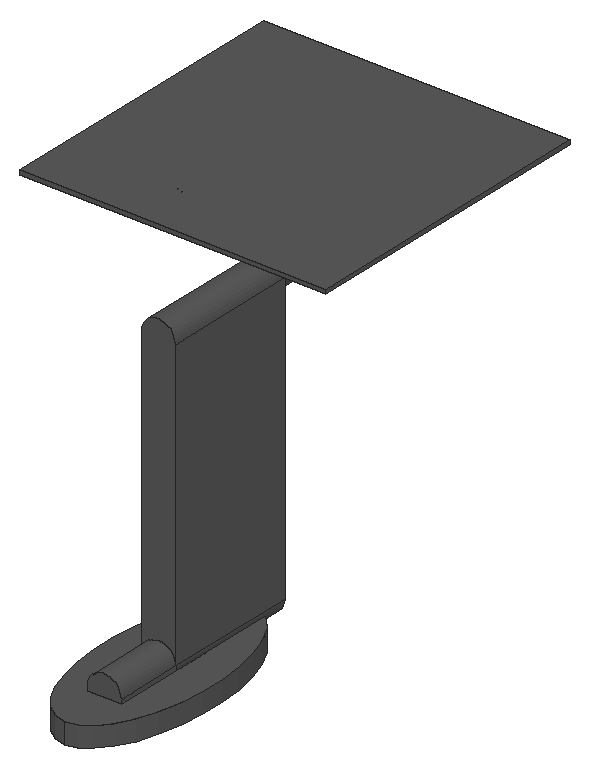
Revit family "Articulating_Wall_Mount-Chief-JWS_Series", category Specialty Equipment, host Face, Revit 2017
Family settings
  Host = Face
  Round Connector Dimension = Use Diameter
  Part Type = Normal
  Cut with Voids When Loaded = No
  Shared = No
  Room Calculation Point = No
Parameters (values of type "Medium, 12" Deep")
  z Visible Arm Set Left [instance] = or(z Arm Spacing Start > 0.000", z Arm Spacing End > 0.000")  # no
  z Start to End Elevation A [instance] = z Arm Pivot Elevation - z Arm Thickness * 2 + z Base Plate Arm Offset Height + z Display Mount Elevation  # 2.020"
  z Right End Width [instance] = z End Width Offset - z End Horizontal Actual  # 0.000"
  z Right End Depth [instance] = z End Lateral Actual - z End Depth Offset  # 8.500"
  z Endpoint Angle Actual [instance] = if(and(z End Horizontal = 0.000", z End Lateral = 0.000"), 0.000°, if(and(z End Horizontal < 0.000", z End Lateral = 0.000"), 270.000°, if(and(z End Horizontal > 0.000", z End Lateral = 0.000"), 90.000°, if(and(z End Horizontal = 0.000", z End Lateral < 0.000"), 180.000°, if(and(z End Horizontal = 0.000", z End Lateral > 0.000"), 0.000°, atan((z End Horizontal) / (z End Lateral)))))))  # 0.000°
  z Display Mount Tilt Angle [instance] = 0.000°
  z Base Plate Width = 3.220"  # constant formula
  z Base Plate Height = 6.920"  # constant formula
  z Arm Pivot Elevation = 0.000"  # constant formula
  z Material [instance] = Steel - Milestone - Black
  z Left End Width [instance] = z End Width Offset + z End Horizontal Actual  # 0.000"
  z Left End Depth [instance] = z End Lateral Actual + z End Depth Offset  # 8.500"
  z End Width Offset [instance] = (z Arm Spacing Start / 2 - z Arm Spacing End / 2 * cos(z End Angle Actual))  # 0.000"
  z End Lateral Actual [instance] = z Arm A Length * cos(z Endpoint Angle Actual)  # 8.500"
  z End Lateral [instance] = 12.000"
  z End Horizontal Positive [instance] = if(z End Horizontal Desired > 0.000", z End Horizontal Desired, 0.000")  # 0.000"
  z End Horizontal Negative [instance] = if(z End Horizontal Desired < 0.000", -z End Horizontal Desired, 0.000")  # 0.000"
  z End Horizontal Desired [instance] = z End Horizontal Actual + z Base Plate Arm Offset Width  # 0.000"
  z End Horizontal Actual [instance] = z Arm A Length * sin(z Endpoint Angle Actual)  # 0.000"
  z End Horizontal [instance] = 0.000"
  z End Depth Offset [instance] = (z Arm Spacing End / 2 * sin(z End Angle Actual))  # 0.000"
  z End Angle Actual [instance] = if(z Display Faces Custom, z End Angle, if(and(z End Horizontal Actual = 0.000", z End Lateral Actual = 0.000"), 0.000°, if(and(z End Horizontal Actual < 0.000", z End Lateral Actual = 0.000"), 270.000°, if(and(z End Horizontal Actual > 0.000", z End Lateral Actual = 0.000"), 90.000°, if(and(z End Horizontal Actual = 0.000", z End Lateral Actual < 0.000"), 180.000°, if(and(z End Horizontal Actual = 0.000", z End Lateral Actual > 0.000"), 0.000°, atan((z End Horizontal Actual) / (z End Lateral Actual))))))))  # 0.000°
  z End Angle [instance] = 0.000°
  z Display Mount Tilt Position Offset Height = 0.000"  # constant formula
  z Display Mount Tilt Position Offset Depth = 0.000"  # constant formula
  z Display Mount Elevation Positive [instance] = z  Offset * 2 + if(z Display Mount Elevation > 0.000", z Display Mount Elevation, 0.000")  # 5.020"
  z Display Mount Elevation Negative [instance] = z  Offset * 1 + if(z Display Mount Elevation < 0.000", -z Display Mount Elevation, 0.000")  # 0.000"
  z Display Mount Elevation = 8.480" - z Base Plate Height / 2  # 5.020"
  z Display Mount Tilt Angle Actual [instance] = if(z Display Mount Tilt Angle < 0.000°, 0.000°, if(z Display Mount Tilt Angle > 15.000°, 15.000°, z Display Mount Tilt Angle))  # 0.000°
  z Display Faces Endpoint [instance] = no
  z Display Faces Custom [instance] = not(z Display Faces Endpoint)  # yes
  z Base Plate Arm Offset Width Positive [instance] = if(z Base Plate Arm Offset Width > 0.000", z Base Plate Arm Offset Width, 0.000")  # 0.000"
  z Base Plate Arm Offset Width Negative [instance] = if(z Base Plate Arm Offset Width < 0.000", -z Base Plate Arm Offset Width, 0.000")  # 0.000"
  z Base Plate Arm Offset Width = 0.000"  # constant formula
  z Base Plate Arm Offset Height = z Arm Thickness / 2  # 1.000"
  z Arm Width = 1.000"  # constant formula
  z Arm Thickness = 2.000"  # constant formula
  z Arm Spacing Start = 0.000"  # constant formula
  z Arm Spacing End = 0.000"  # constant formula
  z Arm A Length = 8.500"  # constant formula
  z  Offset [instance] = 12.000" * 0  # 0.000"
  URL = "https://www.legrandav.com/"
  Product Page URL = "https://www.legrandav.com/-/media/files/chief/technical_drawings/jws210-t.ashx"
  Product Documentation Link = "https://www.legrandav.com/products/chief/mounts/display/wall-full_swing/jws/jwsub"
  Part Number = Model  # "JWSUB"
  Part Description = Description  # "Medium Flat Panel Single Arm Wall Display Mount - 12In. Extension"
  Model Disclaimer = "Contact Chief For More Information"  # constant formula
  Model = "JWSUB"  # constant formula
  Manufacturer = "Chief"  # constant formula
  Has Snap Locations [instance] = yes
  Family Version = "1.0"  # constant formula
  Equipment Number [instance] = ""
  Equipment Abbreviation = "VM"
  Description = "Medium Flat Panel Single Arm Wall Display Mount - 12In. Extension"  # constant formula
  Default Elevation = 48.000"
  Date Modified = "February 22, 2021"  # constant formula
  Date Created = "February 22, 2021"  # constant formula
  Copyright = "Copyright © Legrand"  # constant formula
Reference planes (in)
  plane 1 "Center (Front/Back)": y = 0
  plane 2 "Center (Elevation)": z = 0
  plane 3 "Center (Left/Right)": x = 0
  plane 4: through (26.9972, 28.43381, 9.92971) normal (-0.9218, 0.2818, 0.2661)
  plane 5: through (15.53727, 31.93746, 9.30168) normal (-0.8902, 0.2721, -0.3654)
  plane 6: through (16.43815, 31.66203, -8.67365) normal (0.8902, -0.2721, 0.3654)
  plane 7: through (13.12273, 32.67566, 0.15701) normal (-0.05, 0.0153, 0.9986)
  plane 8: through (9.8073, 33.68929, 8.98767) normal (-0.9218, 0.2818, 0.2661)
  plane 9: through (4.97822, 35.16569, -9.30168) normal (0.955, -0.292, 0.0523)
  plane 10: through (4.97822, 35.16569, -9.30168) normal (-0.05, 0.0153, 0.9986)
  plane 11: x = 0
  plane 12: x = 0
  plane 13: z = 0
  plane 14: z = 0.725
  plane 15: z = 9.225
  plane 16: x = 0
  plane 17: x = 0
  plane 18: x = 0
  plane 19: y = 0
  plane 20: y = 5.02
Lines and regions (in)
  reference lines
    curve 1: line (0, 5.02, 3.225) -> (0, 5.02, 9.225)
Dimensions and locks (in)
  "z  Offset": plane 13 to level
  locked: plane 14 to plane 13 at 0.725
  "z End Lateral Actual": plane 15 to plane 14
  equal spacing: plane 12, plane 3 "Center (Left/Right)", plane 11
  "z Arm Spacing Start": plane 12 to plane 11
  "z End Horizontal Negative": plane 3 "Center (Left/Right)" to plane 16
  "z End Horizontal Positive": plane 17 to plane 16
  "z Base Plate Arm Offset Width Positive": plane 3 "Center (Left/Right)" to plane 18
  "z Base Plate Arm Offset Width Negative": plane 3 "Center (Left/Right)" to plane 18
  "z Display Mount Elevation Positive": plane 19 to plane 20
  locked: curve 1 to curve 1 at 6
  "z Display Mount Elevation Negative": plane 19 to plane 1 "Center (Front/Back)"
  "z End Angle Actual": angle curve 1 to plane 17
  aligned and locked: plane 2 "Center (Elevation)" to host face
  aligned and locked: level to host face
  aligned and locked: nested 1 to plane 14
  aligned and locked: plane 12 to nested 1
  aligned and locked: plane 17 to curve 1
  aligned and locked: plane 15 to curve 1
Automatic sketch dimensions
  host sketch curve to host sketch curve = 1.000"  (x2)
Nested families (in)
  nested 1: "Generic Articulating Arm" at (0, 0, 0.725) x (-1, 0, 0) z (0, 1, 0), z ArmA Length <- "z Arm A Length", z End Width <- "z Right End Width", z End Depth <- "z Right End Depth", type "Standard", not visible
    with z Visible Clearance Minimum no, z Visible Clearance Maximum no, z Visible ArmB no, z Show Clearance no, z Radius Minimum Clearance 8.500", z Radius Minimum Actual 8.500", z Radius Maximum Actual 8.500", z End Width 0.000", z End Length Desired 8.500", z End Length Actual 8.500", z End Depth 8.500", z End Angle Actual 0.000°, z End Angle 0.000°, z ArmC Angle from Origin Actual 0.000°, z ArmC Angle from Origin 0.000°, z ArmB Length Geometry 1.250", z ArmB Length Actual 0.000", z ArmB Length 0.000", z ArmB Angle Actual 180.000°, z ArmB Angle 180.000°, z ArmA Length Actual 8.500", z ArmA Length 8.500", z ArmA Angle 0.000°, z Arm Length Minimum 1.250"
  nested 2: "Wall Mount-Articulating-Base" at (0, 0, 0) x (-1, 0, 0) z (0, 0, 1), z Arm Mount Spacing <- "z Arm Spacing Start", z Arm Mount Offset Width <- "z Base Plate Arm Offset Width", z Arm Mount Elevation <- "z Base Plate Arm Offset Height", z Material <- "z Material", z Base Plate Width <- "z Base Plate Width", z Base Plate Height <- "z Base Plate Height", type "Standard"
    with z Material Steel - Milestone - Black, z Detail Radius 0.250", z Base Plate Width Actual 3.220", z Base Plate Width 3.220", z Base Plate Height Actual 6.920", z Base Plate Height 6.920", z Base Plate Depth Actual 0.600", z Base Plate Depth 0.600", z Arm Mount Width Actual 1.000", z Arm Mount Width 1.000", z Arm Mount Spacing Actual 0.000", z Arm Mount Spacing 0.000", z Arm Mount Radius 0.500", z Arm Mount Offset Width Positive 0.000", z Arm Mount Offset Width Negative 0.000", z Arm Mount Offset Width Actual 0.000", z Arm Mount Offset Width 0.000", z Arm Mount Height Actual 2.000", z Arm Mount Height 2.000", z Arm Mount Elevation Positive 1.000", z Arm Mount Elevation Negative 0.000", z Arm Mount Elevation Actual 1.000", z Arm Mount Elevation 1.000", z Arm Mount Depth Actual 0.725", z Arm Mount Depth 0.725", z  Offset 0.000"
  nested 3: "Wall Mount-Tilt Head" at (0, 5.02, 9.225), Has Snap Locations <- "Has Snap Locations", z Angle Tilt <- "z Display Mount Tilt Angle Actual", z Tilt Position Offset Depth <- "z Display Mount Tilt Position Offset Depth", z Tilt Position Offset Height <- "z Display Mount Tilt Position Offset Height", z Material <- "z Material", type "Standard"
    with z Tilt Position Offset Height Positive 0.000", z Tilt Position Offset Height Negative 0.000", z Tilt Position Offset Height Actual 0.000", z Tilt Position Offset Height 0.000", z Tilt Position Offset Depth Positive 0.000", z Tilt Position Offset Depth Negative 0.000", z Tilt Position Offset Depth Actual 0.000", z Tilt Position Offset Depth 0.000", z Plate Width Actual 9.000", z Plate Width 9.000", z Plate Height Actual 9.000", z Plate Height 9.000", z Plate Depth Actual 0.125", z Plate Depth 0.125", z Material Steel - Milestone - Black, z Angle Tilt Actual 0.000°, z Angle Tilt 0.000°, z  Offset 0.000", Has Snap Locations yes
  nested 4: "Pivot to Pivot Arm" at (0, 1, 4.975) x (0, 0, 1) z (0, 1, 0), z Start to End Elevation <- "z Start to End Elevation A", z Arm Thickness <- "z Arm Thickness", z Arm Length <- "z Arm A Length", z Material <- "z Material", built-in parameter 1001364 <- "z Base Plate Arm Offset Height", z Arm Width <- "z Arm Width", type "Standard"
    with z Start to End Elevation 2.020", z Start Offset Vertical Positive 0.000", z Start Offset Vertical Negative 0.000", z Start Offset Vertical Actual 0.000", z Start Diameter Actual 1.000", z Start Diameter 0.000", z Material Steel - Milestone - Black, z End Radius 0.500", z End Offset Vertical Positive 2.020", z End Offset Vertical Negative 0.000", z End Offset Vertical Actual 2.020", z End Diameter Actual 1.000", z End Diameter 0.000", z Arm Width Minimum 0.125", z Arm Width Actual 1.000", z Arm Width 1.000", z Arm Thickness Actual 2.000", z Arm Thickness 2.000", z Arm Length Minimum 1.375", z Arm Length Actual 8.500", z Arm Length 8.500", z  Offset 0.000"
Definition of nested family "Generic Articulating Arm"
  Parameters (values of type "Standard")
    z Visible Clearance Minimum [instance] = and(z Show Clearance, z Radius Minimum Actual > 0.000")  # yes
    z Visible Clearance Maximum [instance] = and(z Show Clearance)  # yes
    z Visible ArmB [instance] = z ArmB Length > 0.000"  # no
    z Show Clearance [instance] = yes
    z Radius Minimum Clearance [instance] = if(z Radius Minimum Actual < 0.125", 0.125", z Radius Minimum Actual)  # 12.000"
    z Radius Minimum Actual [instance] = abs(z ArmA Length Actual - if(z Visible ArmB, z ArmB Length Actual, 0.000"))  # 12.000"
    z Radius Maximum Actual [instance] = z ArmA Length Actual + if(z Visible ArmB, z ArmB Length Actual, 0.000")  # 12.000"
    z End Width [instance] = 5.000"
    z End Length Desired [instance] = sqrt(((z End Width) ^ 2) + ((z End Depth) ^ 2))  # 7.07107"
    z End Length Actual [instance] = if(z End Length Desired < z Radius Minimum Actual, z Radius Minimum Actual, if(z End Length Desired > z Radius Maximum Actual, z Radius Maximum Actual, z End Length Desired))  # 12.000"
    z End Depth [instance] = 5.000"
    z End Angle Actual [instance] = z End Angle + if(z End Depth < 0.000", 180.000°, 0.000°)  # 45.000°
    z End Angle [instance] = if(and(z End Width = 0.000", z End Depth = 0.000"), 0.000°, if(and(z End Width < 0.000", z End Depth = 0.000"), 270.000°, if(and(z End Width > 0.000", z End Depth = 0.000"), 90.000°, if(and(z End Width = 0.000", z End Depth < 0.000"), 180.000°, if(and(z End Width = 0.000", z End Depth > 0.000"), 0.000°, atan((z End Width) / (z End Depth)))))))  # 45.000°
    z ArmC Angle from Origin Actual [instance] = z ArmC Angle from Origin  # 45.000°
    z ArmC Angle from Origin [instance] = if(z Visible ArmB, if(and(z End Width = 0.000", z End Depth = 0.000"), 0.000°, z End Angle Actual - (180.000° - z ArmA Angle - z ArmB Angle)), z End Angle Actual)  # 45.000°
    z ArmB Length Geometry [instance] = if(z ArmB Length Actual < z Arm Length Minimum, z Arm Length Minimum, z ArmB Length Actual)  # 1.250"
    z ArmB Length Actual [instance] = if(z ArmB Length < 0.000", 0.000", z ArmB Length)  # 0.000"
    z ArmB Length [instance] = 0.000"
    z ArmB Angle Actual [instance] = z ArmB Angle  # 180.000°
    z ArmB Angle [instance] = if(and(z End Width = 0.000", z End Depth = 0.000"), 0.000°, 180.000° - z ArmA Angle - acos((z End Length Actual ^ 2 + z ArmA Length Actual ^ 2 - z ArmB Length Actual ^ 2) / (2 * z End Length Actual * z ArmA Length Actual)))  # 180.000°
    z ArmA Length Actual [instance] = if(z ArmA Length < z Arm Length Minimum, z Arm Length Minimum, z ArmA Length)  # 12.000"
    z ArmA Length [instance] = 12.000"
    z ArmA Angle [instance] = if(z ArmB Length Actual = 0.000", 0.000°, if(and(z End Width = 0.000", z End Depth = 0.000"), 0.000°, acos((z ArmB Length Actual ^ 2 + z End Length Actual ^ 2 - z ArmA Length Actual ^ 2) / (2 * z ArmB Length Actual * z End Length Actual))))  # 0.000°
    z Arm Length Minimum [instance] = 0.125" * 2 * 5  # 1.250"
    Default Elevation = 48.000"
  Reference planes (in)
    plane 1 "Center (Front/Back)": y = 0
    plane 2 "Center (Elevation)": z = 0
    plane 3 "Center (Left/Right)": x = 0
    plane 4: through (26.9972, 28.43381, 9.92971) normal (-0.9218, 0.2818, 0.2661)
    plane 5: through (15.53727, 31.93746, 9.30168) normal (-0.8902, 0.2721, -0.3654)
    plane 6: through (16.43815, 31.66203, -8.67365) normal (0.8902, -0.2721, 0.3654)
    plane 7: through (13.12273, 32.67566, 0.15701) normal (-0.05, 0.0153, 0.9986)
    plane 8: through (9.8073, 33.68929, 8.98767) normal (-0.9218, 0.2818, 0.2661)
    plane 9: through (4.97822, 35.16569, -9.30168) normal (0.955, -0.292, 0.0523)
    plane 10: through (4.97822, 35.16569, -9.30168) normal (-0.05, 0.0153, 0.9986)
  Forms (in)
    Extrusion 1, solid, visible <- "z Visible ArmB"
      sketch origin (8.48528, -8.48528, 0) x (0.707107, -0.707107, 0) y (0.707107, 0.707107, 0)
        loop
          circle (0, 0) r 0.5
      from -0.063 to 0
    Extrusion 2, solid
      sketch origin (8.48528, -8.48528, 0) x (-0.707107, 0.707107, 0) y (-0.707107, -0.707107, 0)
        loop
          circle (0, 0) r 0.5
      from -0.063 to 0
    Extrusion 3, solid, visible <- "z Visible ArmB"
      sketch origin (8.48528, -8.48528, 0) x (0.707107, -0.707107, 0) y (0.707107, 0.707107, 0)
        loop
          circle (1.25, 0) r 0.5
      from -0.063 to 0
    Extrusion 4, solid, visible <- "z Visible ArmB"
      sketch origin (9.28078, -8.57367, 0) x (-0.707107, -0.707107, 0) y (0.707107, -0.707107, 0)
        loop
          circle (0.5, 0) r 0.5
      from -0.063 to 0
    Extrusion 5, solid
      sketch origin (8.48528, -8.48528, 0) x (-0.707107, 0.707107, 0) y (-0.707107, -0.707107, 0)
        loop
          circle (12, 0) r 0.5
      from -0.063 to 0
    Extrusion 6, solid
      sketch origin (3.88909, -4.59619, 0) x (0.707107, 0.707107, 0) y (-0.707107, 0.707107, 0)
        loop
          circle (0.5, 0) r 0.5
      from -0.063 to 0
  Lines and regions (in)
    reference lines
      curve 1: line (8.48528, -8.48528, 0) -> (0, 0, 0)
      curve 2: line (8.48528, -8.48528, 0) -> (9.36916, -9.36916, 0)
      curve 5: line (3.88909, -4.59619, 0) -> (4.59619, -3.88909, 0)
      curve 12: line (9.28078, -8.57367, 0) -> (8.57367, -9.28078, 0)
    model lines, visible <- "z Visible Clearance Maximum"
      curve 3: circle (0, 0, 0) r 12 normal (0, 0, 1)
    model lines, visible <- "z Visible Clearance Minimum"
      curve 4: circle (0, 0, 0) r 12 normal (0, 0, 1)
    model lines
      curve 6: line (-0.17678, -0.17678, 0) -> (0.17678, 0.17678, 0)
      curve 7: line (0.17678, -0.17678, 0) -> (-0.17678, 0.17678, 0)
      curve 8: line (8.3085, -8.66206, 0) -> (8.66206, -8.3085, 0)
      curve 9: line (8.66206, -8.66206, 0) -> (8.3085, -8.3085, 0)
      curve 10: line (4.06586, -4.41942, 0) -> (4.41942, -4.06586, 0)
      curve 11: line (4.41942, -4.41942, 0) -> (4.06586, -4.06586, 0)
    model lines, visible <- "z Visible ArmB"
      curve 13: line (9.54594, -9.19239, 0) -> (9.19239, -9.54594, 0)
      curve 14: line (9.19239, -9.19239, 0) -> (9.54594, -9.54594, 0)
      curve 15: line (8.66206, -8.3085, 0) -> (8.3085, -8.66206, 0)
      curve 16: line (8.3085, -8.3085, 0) -> (8.66206, -8.66206, 0)
      curve 17: line (9.104, -8.75045, 0) -> (8.75045, -9.104, 0)
      curve 18: line (8.75045, -8.75045, 0) -> (9.104, -9.104, 0)
  Dimensions and locks (in)
    "z ArmA Length Actual": curve 1 to curve 1
    "z ArmB Length Geometry": curve 2 to curve 2
    equal spacing: curve 1, curve 5, curve 1
    equal spacing: curve 2, curve 12, curve 2
    equal spacing: curve 18, curve 12, curve 18
    locked: curve 18 to curve 18 at 0.5
    equal spacing: curve 17, curve 2, curve 17
    locked: curve 17 to curve 17 at 0.5
    equal spacing: curve 13, curve 2, curve 13
    locked: curve 13 to curve 13 at 0.5
    equal spacing: curve 15, curve 2, curve 15
    locked: curve 15 to curve 15 at 0.5
    equal spacing: curve 14, curve 2, curve 14
    locked: curve 14 to curve 14 at 0.5
    equal spacing: curve 16, curve 2, curve 16
    locked: curve 16 to curve 16 at 0.5
    equal spacing: curve 11, curve 5, curve 11
    locked: curve 11 to curve 11 at 0.5
    equal spacing: curve 7, curve 1, curve 7
    equal spacing: curve 9, curve 1, curve 9
    locked: curve 9 to curve 9 at 0.5
    locked: curve 7 to curve 7 at 0.5
    equal spacing: curve 10, curve 1, curve 10
    equal spacing: curve 8, curve 1, curve 8
    equal spacing: curve 6, curve 1, curve 6
    locked: curve 10 to curve 10 at 0.5
    locked: curve 6 to curve 6 at 0.5
    locked: curve 8 to curve 8 at 0.5
    "z Radius Maximum Actual": radius of curve 3
    "z Radius Minimum Clearance": radius of curve 4
    "z ArmB Angle Actual": angle curve 2 to curve 1
    "z ArmC Angle from Origin Actual": angle plane 3 "Center (Left/Right)" to curve 1
    aligned and locked: plane 2 "Center (Elevation)" to level
    aligned and locked: curve 5 to Extrusion 6 sketch curve
    aligned and locked: curve 12 to Extrusion 4 sketch curve
  Automatic sketch dimensions
    curve 3 to curve 4 = 0.000"  (x2)
    plane 1 "Center (Front/Back)" to curve 4 = 0.000"
    curve 4 to plane 3 "Center (Left/Right)" = 0.000"
    plane 1 "Center (Front/Back)" to curve 1 = 0.000"
    curve 1 to plane 3 "Center (Left/Right)" = 0.000"
    Extrusion 1 sketch curve to curve 2 = 0.000"  (x2)
    curve 2 to curve 12 = 0.500"
    curve 12 to curve 2 = 0.500"
    curve 1 to curve 5 = 0.500"
    curve 5 to curve 1 = 0.500"
    curve 9 to curve 1 = 0.000"
    curve 8 to curve 1 = 0.000"
    curve 1 to curve 7 = 0.000"
    curve 1 to curve 6 = 0.000"
    curve 5 to curve 10 = 0.000"
    curve 10 to curve 11 = 0.250"
    curve 16 to curve 2 = 0.000"
    curve 15 to curve 2 = 0.000"
    curve 2 to curve 14 = 0.000"
    curve 2 to curve 13 = 0.000"
    curve 12 to curve 17 = 0.000"
    curve 17 to curve 18 = 0.250"
    curve 2 to Extrusion 3 sketch curve = 0.000"
    Extrusion 3 sketch curve to curve 2 = 0.000"
    curve 12 to Extrusion 4 sketch curve = 0.500"
    curve 1 to Extrusion 5 sketch curve = 0.000"
    Extrusion 5 sketch curve to curve 1 = 0.000"
    curve 5 to Extrusion 6 sketch curve = 0.500"
    Extrusion 2 sketch curve to curve 1 = 0.000"  (x2)
    radius of Extrusion 1 sketch curve = 0.500"
    radius of Extrusion 3 sketch curve = 0.500"
    radius of Extrusion 4 sketch curve = 0.500"
    radius of Extrusion 5 sketch curve = 0.500"
    radius of Extrusion 6 sketch curve = 0.500"
    radius of Extrusion 2 sketch curve = 0.500"
Definition of nested family "Wall Mount-Articulating-Base"
  Parameters (values of type "Standard")
    z Detail Radius [instance] = 1.000"
    z Base Plate Width Actual [instance] = if(z Base Plate Width < z Arm Mount Width Actual / 2 + z Arm Mount Spacing Actual, z Arm Mount Width Actual / 2 + z Arm Mount Spacing Actual, z Base Plate Width)  # 12.000"
    z Base Plate Width [instance] = 12.000"
    z Base Plate Height Actual [instance] = if(z Base Plate Height < z Arm Mount Height Actual, z Arm Mount Height Actual, z Base Plate Height)  # 8.000"
    z Base Plate Height [instance] = 8.000"
    z Base Plate Depth Actual [instance] = if(z Base Plate Depth < 0.125", 0.125", z Base Plate Depth)  # 0.500"
    z Base Plate Depth [instance] = 0.500"
    z Material [instance] = none
    z Arm Mount Width Actual [instance] = if(z Arm Mount Width < 0.125", 0.125", z Arm Mount Width)  # 1.000"
    z Arm Mount Width [instance] = 1.000"
    z Arm Mount Spacing Actual [instance] = if(z Arm Mount Spacing < 0.000", 0.000", z Arm Mount Spacing)  # 2.000"
    z Arm Mount Spacing [instance] = 2.000"
    z Arm Mount Radius [instance] = z Arm Mount Width Actual / 2  # 0.500"
    z Arm Mount Offset Width Positive [instance] = if(z Arm Mount Offset Width Actual > 0.000", z Arm Mount Offset Width Actual, 0.000")  # 1.000"
    z Arm Mount Offset Width Negative [instance] = if(z Arm Mount Offset Width Actual < 0.000", -z Arm Mount Offset Width Actual, 0.000")  # 0.000"
    z Arm Mount Offset Width Actual [instance] = (z Arm Mount Offset Width)  # 1.000"
    z Arm Mount Offset Width [instance] = 1.000"
    z Arm Mount Height Actual [instance] = if(z Arm Mount Height < 0.125", 0.125", z Arm Mount Height)  # 2.000"
    z Arm Mount Height [instance] = 2.000"
    z Arm Mount Elevation Positive [instance] = if(z Arm Mount Elevation Actual > 0.000", z Arm Mount Elevation Actual, 0.000")  # 1.000"
    z Arm Mount Elevation Negative [instance] = if(z Arm Mount Elevation Actual < 0.000", -z Arm Mount Elevation Actual, 0.000")  # 0.000"
    z Arm Mount Elevation Actual [instance] = if(z Arm Mount Elevation < z Base Plate Height Actual / -2 + (z Arm Mount Height Actual / 2), z Base Plate Height Actual / -2 + (z Arm Mount Height Actual / 2), if(z Arm Mount Elevation > z Base Plate Height Actual / 2 - (z Arm Mount Height Actual / 2), z Base Plate Height Actual / 2 - (z Arm Mount Height Actual / 2), z Arm Mount Elevation))  # 1.000"
    z Arm Mount Elevation [instance] = 1.000"
    z Arm Mount Depth Actual [instance] = if(z Arm Mount Depth < z Base Plate Depth Actual + 0.125", z Base Plate Depth Actual + 0.125", z Arm Mount Depth)  # 0.625"
    z Arm Mount Depth [instance] = 0.500"
    z  Offset [instance] = 12.000" * 0  # 0.000"
    Default Elevation = 48.000"
  Reference planes (in)
    plane 1 "Center (Front/Back)": y = 0
    plane 2 "Center (Elevation)": z = 0
    plane 3 "Center (Left/Right)": x = 0
    plane 4: through (26.9972, 28.43381, 9.92971) normal (-0.9218, 0.2818, 0.2661)
    plane 5: through (15.53727, 31.93746, 9.30168) normal (-0.8902, 0.2721, -0.3654)
    plane 6: through (16.43815, 31.66203, -8.67365) normal (0.8902, -0.2721, 0.3654)
    plane 7: through (13.12273, 32.67566, 0.15701) normal (-0.05, 0.0153, 0.9986)
    plane 8: through (9.8073, 33.68929, 8.98767) normal (-0.9218, 0.2818, 0.2661)
    plane 9: through (4.97822, 35.16569, -9.30168) normal (0.955, -0.292, 0.0523)
    plane 10: through (4.97822, 35.16569, -9.30168) normal (-0.05, 0.0153, 0.9986)
    plane 11: z = 0
    plane 12: z = 0.5
    plane 13: z = 0.625
    plane 14: y = 4
    plane 15: x = -6
    plane 16: x = 6
    plane 17: y = -4
    plane 18: x = 1
    plane 19: x = 0
    plane 20: x = 2
    plane 21: x = 0
    plane 22: y = 1
    plane 23: y = 0
    plane 24: y = 2
    plane 25: y = 0
  Forms (in)
    Extrusion 1, solid, material <- "z Material"
      sketch origin (0, 0, 0) x (1, 0, 0) y (0, 1, 0)
        loop
          spline (0, 4) -> (-1.55291, 3.8637) -> (-3, 3.4641) -> (-4.24264, 2.82843) -> (-5.19615, 2) -> (-5.79555, 1.03528) -> (-6, 0) -> (-5.79555, -1.03528) -> (-5.19615, -2) -> (-4.24264, -2.82843) -> (-3, -3.4641) -> (-1.55291, -3.8637) -> (0, -4)
          spline (0, -4) -> (1.55291, -3.8637) -> (3, -3.4641) -> (4.24264, -2.82843) -> (5.19615, -2) -> (5.79555, -1.03528) -> (6, 0) -> (5.79555, 1.03528) -> (5.19615, 2) -> (4.24264, 2.82843) -> (3, 3.4641) -> (1.55291, 3.8637) -> (0, 4)
      from 0 to 0.5
    Extrusion 2, solid, material <- "z Material"
      sketch origin (0, 0, 0) x (1, 0, 0) y (0, 0, 1)
        loop
          arc (2.5, 0.625) -> (2, 1.125) -> (1.5, 0.625) r 0.5
          line (1.5, 0.625) -> (1.5, 0) -> (2.5, 0) -> (2.5, 0.625)
      from -2 to 0
    Extrusion 3, solid, material <- "z Material"
      sketch origin (2, 0, 0) x (1, 0, 0) y (0, 0, 1)
        loop
          arc (-1.5, 0.625) -> (-2, 1.125) -> (-2.5, 0.625) r 0.5
          line (-2.5, 0.625) -> (-2.5, 0) -> (-1.5, 0) -> (-1.5, 0.625)
      from -2 to 0
  Cuts and joins
    joined: Extrusion 1, Extrusion 2, Extrusion 3
  Lines and regions (in)
    Masking region 1
      outline origin (0, 0, 0) x (1, 0, 0) y (0, 0, 1)
        loop
          line (-6, 0.5) -> (-6, 0) -> (6, 0) -> (6, 0.5) -> (-6, 0.5)
    Masking region 2
      outline origin (0, 0, 0) x (1, 0, 0) y (0, 0, 1)
        loop
          arc (2.5, 0.625) -> (2, 1.125) -> (1.5, 0.625) r 0.5
          line (1.5, 0.625) -> (1.5, 0.5) -> (2.5, 0.5) -> (2.5, 0.625)
    Masking region 3
      outline origin (-2, 0, 0) x (1, 0, 0) y (0, 0, 1)
        loop
          arc (2.5, 0.625) -> (2, 1.125) -> (1.5, 0.625) r 0.5
          line (1.5, 0.625) -> (1.5, 0.5) -> (2.5, 0.5) -> (2.5, 0.625)
  Dimensions and locks (in)
    "z Base Plate Depth Actual": plane 12 to plane 11
    "z  Offset": plane 11 to plane 2 "Center (Elevation)"
    "z Arm Mount Depth Actual": plane 13 to plane 11
    equal spacing: plane 17, plane 1 "Center (Front/Back)", plane 14
    "z Base Plate Height Actual": plane 17 to plane 14
    equal spacing: plane 15, plane 3 "Center (Left/Right)", plane 16
    "z Base Plate Width Actual": plane 15 to plane 16
    equal spacing: plane 21, plane 18, plane 20
    "z Arm Mount Spacing Actual": plane 21 to plane 20
    "z Arm Mount Offset Width Negative": plane 19 to plane 3 "Center (Left/Right)"
    "z Arm Mount Offset Width Positive": plane 19 to plane 18
    equal spacing: plane 23, plane 22, plane 24
    "z Arm Mount Height Actual": plane 23 to plane 24
    "z Arm Mount Elevation Positive": plane 25 to plane 22
    "z Arm Mount Elevation Negative": plane 25 to plane 1 "Center (Front/Back)"
    locked: plane 15 to Extrusion 1 sketch curve at 0
    locked: plane 16 to Extrusion 1 sketch curve at 0
    locked: plane 14 to Extrusion 1 sketch curve at 0
    locked: plane 17 to Extrusion 1 sketch curve at 0
    "z Arm Mount Width Actual": diameter of Extrusion 2 sketch curve
    "z Arm Mount Width Actual": diameter of Extrusion 3 sketch curve
    "z Arm Mount Width Actual": diameter of Masking region 2 sketch curve
    "z Arm Mount Width Actual": diameter of Masking region 3 sketch curve
    aligned and locked: plane 2 "Center (Elevation)" to level
    aligned and locked: plane 12 to Extrusion 1
    aligned and locked: Extrusion 1 to plane 11
    aligned and locked: plane 20 to Extrusion 2 sketch curve
    aligned and locked: plane 11 to Extrusion 2 sketch curve
    aligned and locked: plane 13 to Extrusion 2 sketch curve
    aligned and locked: plane 21 to Extrusion 3 sketch curve
    aligned and locked: plane 11 to Extrusion 3 sketch curve
    aligned and locked: plane 13 to Extrusion 3 sketch curve
    aligned and locked: Extrusion 2 to plane 24
    aligned and locked: Extrusion 3 to plane 24
    aligned and locked: plane 23 to Extrusion 3
    aligned and locked: plane 23 to Extrusion 2
    aligned and locked: Masking region 1 sketch curve to plane 12
    aligned and locked: plane 15 to Masking region 1 sketch curve
    aligned and locked: plane 11 to Masking region 1 sketch curve
    aligned and locked: Masking region 1 sketch curve to plane 16
    aligned and locked: plane 20 to Masking region 2 sketch curve
    aligned and locked: plane 13 to Masking region 2 sketch curve
    aligned and locked: plane 12 to Masking region 2 sketch curve
    aligned and locked: plane 12 to Masking region 3 sketch curve
    aligned and locked: plane 13 to Masking region 3 sketch curve
    aligned and locked: plane 21 to Masking region 3 sketch curve
Definition of nested family "Wall Mount-Tilt Head"
  Parameters (values of type "Standard")
    z Tilt Position Offset Height Positive [instance] = z  Offset * 2 + if(z Tilt Position Offset Height Actual > 0.000", z Tilt Position Offset Height Actual, 0.000")  # 0.000"
    z Tilt Position Offset Height Negative [instance] = z  Offset * 1 + if(z Tilt Position Offset Height Actual < 0.000", -z Tilt Position Offset Height Actual, 0.000")  # 0.000"
    z Tilt Position Offset Height Actual [instance] = z Tilt Position Offset Height  # 0.000"
    z Tilt Position Offset Height [instance] = 0.000"
    z Tilt Position Offset Depth Positive [instance] = z  Offset * 4 + if(z Tilt Position Offset Depth Actual > 0.000", z Tilt Position Offset Depth Actual, 0.000")  # 0.000"
    z Tilt Position Offset Depth Negative [instance] = z  Offset * 2 + if(z Tilt Position Offset Depth Actual < 0.000", -z Tilt Position Offset Depth Actual, 0.000")  # 0.000"
    z Tilt Position Offset Depth Actual [instance] = z Tilt Position Offset Depth  # 0.000"
    z Tilt Position Offset Depth [instance] = 0.000"
    z Plate Width Actual [instance] = if(z Plate Width < 0.125", 0.125", z Plate Width)  # 9.000"
    z Plate Width [instance] = 9.000"
    z Plate Height Actual [instance] = if(z Plate Height < 0.125", 0.125", z Plate Height)  # 9.000"
    z Plate Height [instance] = 9.000"
    z Plate Depth Actual [instance] = if(z Plate Depth < 0.125", 0.125", z Plate Depth)  # 0.125"
    z Plate Depth [instance] = 0.125"
    z Material [instance] = none
    z Angle Tilt Actual [instance] = z Angle Tilt  # 0.000°
    z Angle Tilt [instance] = 0.000°
    z  Offset [instance] = 12.000" * 0  # 0.000"
    Has Snap Locations [instance] = yes
    Default Elevation = 48.000"
  Reference planes (in)
    plane 1 "Center (Front/Back)": y = 0
    plane 2 "Center (Elevation)": z = 0
    plane 3 "Center (Left/Right)": x = 0
    plane 4: through (26.9972, 28.43381, 9.92971) normal (-0.9218, 0.2818, 0.2661)
    plane 5: through (15.53727, 31.93746, 9.30168) normal (-0.8902, 0.2721, -0.3654)
    plane 6: through (16.43815, 31.66203, -8.67365) normal (0.8902, -0.2721, 0.3654)
    plane 7: through (13.12273, 32.67566, 0.15701) normal (-0.05, 0.0153, 0.9986)
    plane 8: through (9.8073, 33.68929, 8.98767) normal (-0.9218, 0.2818, 0.2661)
    plane 9: through (4.97822, 35.16569, -9.30168) normal (0.955, -0.292, 0.0523)
    plane 10: through (4.97822, 35.16569, -9.30168) normal (-0.05, 0.0153, 0.9986)
    plane 11: y = -1
    plane 12: z = 0
    plane 13: z = 1.125
    plane 14: x = 0
    plane 15: y = 1
    plane 16: y = 0
    plane 17: y = 0
    plane 18: x = 0
    plane 19: x = 0
    plane 20: z = 1
    plane 21: y = 0
    plane 22: y = 0
    plane 23: z = 2.5
    plane 24: z = 2.5
    plane 25: z = 0
    plane 26: x = -4.5
    plane 27: x = 4.5
  Forms (in)
    Extrusion 1, solid, material <- "z Material"
      sketch origin (-54.77546, 0, 55.33217) x (-1, 0, 0) y (0, 0, -1)
        loop
          line (-55.27546, 54.33217) -> (-54.27546, 54.33217) -> (-54.27546, 55.33217)
          arc (-54.27546, 55.33217) -> (-54.77546, 55.83217) -> (-55.27546, 55.33217) r 0.5
          line (-55.27546, 55.33217) -> (-55.27546, 54.33217)
      from -1 to 1
    Extrusion 2, solid, material <- "z Material"
      sketch origin (0, 12, 2.5) x (0, -1, 0) y (0, 0, -1)
        loop
          line (7.5, 0) -> (7.5, -0.125) -> (16.5, -0.125) -> (16.5, 0) -> (7.5, 0)
      from -4.5 to 4.5
    Revolve 3, solid, material <- "z Material"
      sketch origin (0, 12, 2.5) x (0, -1, 0) y (0, 0, -1)
        loop
          arc (15.03, 0) -> (13.69048, 1.10447) -> (12, 1.5) r 3.8103
          line (12, 1.5) -> (12, 0) -> (15.03, 0)
        axis (12, 0) -> (12, 1.5)
      angle from 0 to 360
  Lines and regions (in)
    reference lines
      curve 1: line (0, 0, 3.78109) -> (0, 0, 2.03109)
      curve 2: line (0, 12, 2.5) -> (0, -12, 2.5)
      curve 3: line (0, 0, 4.11122) -> (0, 0, 5.36122)
      curve 4: line (0, 0, 1.25) -> (0, 0, 2.5)
      curve 5: line (0, 0, 2.5) -> (0, 0, -14.5)
  Dimensions and locks (in)
    "z  Offset": plane 25 to plane 2 "Center (Elevation)"
    locked: plane 11 to plane 15 at 2
    equal spacing: plane 11, plane 1 "Center (Front/Back)", plane 15
    locked: plane 16 to plane 1 "Center (Front/Back)"
    locked: plane 14 to plane 3 "Center (Left/Right)" at 0
    locked: plane 3 "Center (Left/Right)" to plane 18
    locked: plane 19 to plane 18
    "z Plate Depth Actual": plane 13 to plane 20
    locked: plane 20 to plane 12 at 1
    "z Tilt Position Offset Height Negative": plane 22 to plane 17
    "z Tilt Position Offset Height Positive": plane 22 to plane 21
    "z Tilt Position Offset Depth Positive": plane 24 to plane 23
    "z Tilt Position Offset Height Negative": curve 1 to curve 3
    "z Tilt Position Offset Height Positive": curve 4 to curve 3
    locked: curve 5 to curve 5 at 17
    locked: plane 20 to plane 25 at 1
    "z Plate Depth Actual": Extrusion 2 sketch curve to Extrusion 2 sketch curve
    "z Plate Height Actual": Extrusion 2 sketch curve to Extrusion 2 sketch curve
    equal spacing: plane 26, plane 19, plane 27
    "z Plate Width Actual": plane 26 to plane 27
    equal spacing: Extrusion 2 sketch curve, curve 1, Extrusion 2 sketch curve
    Revolve 3 sketch curve to Revolve 3 sketch curve = 3.030"
    locked: Extrusion 1 sketch curve to Extrusion 1 sketch curve (diameter 1.000")
    radius of Revolve 3 sketch curve = 3.8103"
    "z Angle Tilt Actual": angle curve 5 to curve 4
    aligned and locked: plane 2 "Center (Elevation)" to level
    aligned and locked: plane 12 to Extrusion 1 sketch curve
    aligned and locked: plane 14 to Extrusion 1 sketch curve
    aligned and locked: plane 11 to Extrusion 1
    aligned and locked: Extrusion 1 to plane 15
    aligned and locked: plane 24 to curve 5
    aligned and locked: plane 21 to curve 5
    aligned and locked: Extrusion 1 sketch curve to plane 20
    aligned and locked: plane 27 to Extrusion 2
    aligned and locked: Extrusion 2 to plane 26
    aligned and locked: curve 2 to Extrusion 2 sketch curve
  Automatic sketch dimensions
    curve 4 to curve 5 = 0.000"  (x2)
    curve 1 to curve 4 = 0.46891"
    curve 4 to curve 1 = 1.28109"
    curve 1 to curve 3 = 0.33013"
    curve 3 to curve 3 = 1.250"
    curve 2 to curve 1 = 12.000"
    curve 2 to curve 1 = 0.46891"
    curve 1 to curve 2 = 12.000"
    Revolve 3 sketch curve to curve 2 = 0.000"  (x2)
    curve 2 to Revolve 3 sketch curve = 12.000"
    Revolve 3 sketch curve to Revolve 3 sketch curve = 3.030"
    curve 2 to Revolve 3 sketch curve = 17.000"
Definition of nested family "Pivot to Pivot Arm"
  Parameters (values of type "Standard")
    z Start to End Elevation [instance] = 1.000"
    z Start Offset Vertical Positive [instance] = if(z Start Offset Vertical Actual > 0.000", z Start Offset Vertical Actual, 0.000")  # 0.000"
    z Start Offset Vertical Negative [instance] = if(z Start Offset Vertical Actual < 0.000", -z Start Offset Vertical Actual, 0.000")  # 0.000"
    z Start Offset Vertical Actual [instance] = z  Offset  # 0.000"
    z Start Diameter Actual [instance] = if(z Start Diameter < z Arm Width Actual, z Arm Width Actual, z Start Diameter)  # 1.000"
    z Start Diameter [instance] = 1.000"
    z Material [instance] = none
    z End Radius [instance] = z End Diameter Actual / 2  # 0.500"
    z End Offset Vertical Positive [instance] = if(z End Offset Vertical Actual > 0.000", z End Offset Vertical Actual, 0.000")  # 1.000"
    z End Offset Vertical Negative [instance] = if(z End Offset Vertical Actual < 0.000", -z End Offset Vertical Actual, 0.000")  # 0.000"
    z End Offset Vertical Actual [instance] = z Start Offset Vertical Actual + z Start to End Elevation  # 1.000"
    z End Diameter Actual [instance] = if(z End Diameter < z Arm Width Actual, z Arm Width Actual, z End Diameter)  # 1.000"
    z End Diameter [instance] = 1.000"
    z Arm Width Minimum [instance] = 0.125"  # constant formula
    z Arm Width Actual [instance] = if(z Arm Width < z Arm Width Minimum, z Arm Width Minimum, z Arm Width)  # 1.000"
    z Arm Width [instance] = 1.000"
    z Arm Thickness Actual [instance] = if(z Arm Thickness < 0.125", 0.125", z Arm Thickness)  # 1.000"
    z Arm Thickness [instance] = 1.000"
    z Arm Length Minimum [instance] = z Start Diameter Actual / 2 + 0.125" * 3 + z End Diameter Actual / 2  # 1.375"
    z Arm Length Actual [instance] = if(z Arm Length < z Arm Length Minimum, z Arm Length Minimum, z Arm Length)  # 6.000"
    z Arm Length [instance] = 6.000"
    z  Offset [instance] = 12.000" * 0  # 0.000"
    Default Elevation = 48.000"
  Reference planes (in)
    plane 1 "Center (Front/Back)": y = 0
    plane 2 "Center (Elevation)": z = 0
    plane 3 "Center (Left/Right)": x = 0
    plane 4: through (26.9972, 28.43381, 9.92971) normal (-0.9218, 0.2818, 0.2661)
    plane 5: through (15.53727, 31.93746, 9.30168) normal (-0.8902, 0.2721, -0.3654)
    plane 6: through (16.43815, 31.66203, -8.67365) normal (0.8902, -0.2721, 0.3654)
    plane 7: through (13.12273, 32.67566, 0.15701) normal (-0.05, 0.0153, 0.9986)
    plane 8: through (9.8073, 33.68929, 8.98767) normal (-0.9218, 0.2818, 0.2661)
    plane 9: through (4.97822, 35.16569, -9.30168) normal (0.955, -0.292, 0.0523)
    plane 10: through (4.97822, 35.16569, -9.30168) normal (-0.05, 0.0153, 0.9986)
    plane 11: x = 3
    plane 12: y = -0.5
    plane 13: x = -3
    plane 14: z = 0.5
    plane 15: z = 1.5
    plane 16: z = 0.5
    plane 17: y = 0.5
    plane 18: x = -1
    plane 19: x = 1
    plane 20: z = -0.5
    plane 21: z = 0
    plane 22: z = 1
    plane 23: z = 0
    plane 24: z = 0
    plane 25: x = -3.5
    plane 26: x = 3.5
    plane 27: x = -2.5
    plane 28: x = 2.5
  Forms (in)
    Extrusion 1, solid, material <- "z Material", not visible
      sketch origin (0, 0, 0) x (1, 0, 0) y (0, 1, 0)
        loop
          circle (-3, 0) r 0.5
      from -0.5 to 0.5
    Extrusion 2, solid, material <- "z Material", not visible
      sketch origin (48, 0, 0) x (1, 0, 0) y (0, 1, 0)
        loop
          circle (-45, 0) r 0.5
      from 0.5 to 1.5
    Sweep 3, solid, material <- "z Material", not visible
      path in 3D
        loop
          line (-3, 0, 0) -> (-1, 0, 0) -> (1, 0, 1) -> (3, 0, 1)
      profile origin (-2, 0, 0) x (0, 0, 1) y (0, -1, 0)
        loop
          line (0.5, 0.5) -> (-0.5, 0.5) -> (-0.5, -0.5) -> (0.5, -0.5) -> (0.5, 0.5)
    Extrusion 4, solid, material <- "z Material"
      sketch origin (48, 0, 0) x (1, 0, 0) y (0, 1, 0)
        loop
          arc (-45, -0.5) -> (-44.5, 0) -> (-45, 0.5) r 0.5
          line (-45, 0.5) -> (-51, 0.5)
          arc (-51, 0.5) -> (-51.5, 0) -> (-51, -0.5) r 0.5
          line (-51, -0.5) -> (-45, -0.5)
      from -0.5 to 1.5
  Cuts and joins
    joined: Extrusion 1, Extrusion 2, Sweep 3
  Lines and regions (in)
    Masking region 1
      outline origin (0, 0, 0) x (1, 0, 0) y (0, 1, 0)
        loop
          arc (-3, 0.5) -> (-3.5, 0) -> (-3, -0.5) r 0.5
          line (-3, -0.5) -> (3, -0.5)
          arc (3, -0.5) -> (3.5, 0) -> (3, 0.5) r 0.5
          line (3, 0.5) -> (-3, 0.5)
    reference lines
      curve 1: line (-3, 0, 0) -> (-1, 0, 0)
      curve 2: line (-1, 0, 0) -> (1, 0, 1)
      curve 3: line (1, 0, 1) -> (3, 0, 1)
    sketch lines
      curve 4: line (-3, 0, 0) -> (-1, 0, 0)
      curve 5: line (-1, 0, 0) -> (1, 0, 1)
      curve 6: line (1, 0, 1) -> (3, 0, 1)
  Dimensions and locks (in)
    equal spacing: plane 11, plane 3 "Center (Left/Right)", plane 13
    "z Arm Length Actual": plane 11 to plane 13
    equal spacing: plane 12, plane 1 "Center (Front/Back)", plane 17
    "z Arm Width Actual": plane 12 to plane 17
    equal spacing: plane 11, plane 19, plane 18, plane 13
    equal spacing: plane 15, plane 22, plane 14
    equal spacing: plane 16, plane 21, plane 20
    "z Start Offset Vertical Positive": plane 21 to plane 23
    "z Start Offset Vertical Negative": plane 2 "Center (Elevation)" to plane 23
    "z End Offset Vertical Positive": plane 22 to plane 24
    "z End Offset Vertical Negative": plane 2 "Center (Elevation)" to plane 24
    "z Arm Thickness Actual": plane 16 to plane 20
    "z Arm Thickness Actual": plane 15 to plane 14
    equal spacing: plane 27, plane 13, plane 25
    equal spacing: plane 26, plane 11, plane 28
    "z End Radius": plane 13 to plane 25
    "z End Radius": plane 26 to plane 11
    "z Start Diameter Actual": diameter of Extrusion 1 sketch curve
    "z End Diameter Actual": diameter of Extrusion 2 sketch curve
    "z End Diameter Actual": diameter of Extrusion 4 sketch curve  (x2)
    aligned and locked: plane 2 "Center (Elevation)" to level
    aligned and locked: plane 1 "Center (Front/Back)" to Extrusion 1 sketch curve
    aligned and locked: plane 13 to Extrusion 1 sketch curve
    aligned and locked: plane 1 "Center (Front/Back)" to Extrusion 2 sketch curve
    aligned and locked: plane 11 to Extrusion 2 sketch curve
    aligned and locked: plane 15 to Extrusion 2
    aligned and locked: Extrusion 2 to plane 14
    aligned and locked: plane 18 to curve 2
    aligned and locked: plane 21 to curve 2
    aligned and locked: plane 19 to curve 2
    aligned and locked: plane 22 to curve 2
    aligned and locked: plane 11 to curve 3
    aligned and locked: plane 13 to curve 1
    aligned and locked: curve 1 to plane 21
    aligned and locked: Sweep 3 sketch curve to plane 16
    aligned and locked: plane 20 to Sweep 3 sketch curve
    aligned and locked: plane 17 to Sweep 3 sketch curve
    aligned and locked: Sweep 3 sketch curve to plane 12
    aligned and locked: Extrusion 1 to plane 20
    aligned and locked: plane 16 to Extrusion 1
    aligned and locked: plane 17 to Masking region 1 sketch curve
    aligned and locked: Masking region 1 sketch curve to plane 12
    aligned and locked: plane 13 to Masking region 1 sketch curve
    aligned and locked: plane 11 to Masking region 1 sketch curve
    aligned and locked: plane 13 to Extrusion 4 sketch curve
    aligned and locked: plane 1 "Center (Front/Back)" to Extrusion 4 sketch curve
    aligned and locked: Extrusion 4 sketch curve to plane 17
    aligned and locked: Extrusion 4 to plane 20
    aligned and locked: plane 15 to Extrusion 4
  Automatic sketch dimensions
    Masking region 1 sketch curve to plane 11 = 0.000"
    Extrusion 4 sketch curve to plane 11 = 0.000"
    Extrusion 4 sketch curve to Extrusion 4 sketch curve = 0.000"
